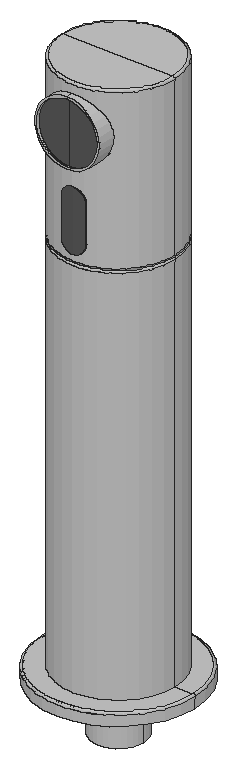
Revit family "Plumbing-Fix_Faucet-Touchless_Stern_Malmo", category Plumbing Fixtures, host Face, Revit 2015
Parameters (values of type "1.58 GPM")
  Waste Connection = no
  Warranty Duration (Years) = 2
  WFU = 0
  Vent Connection = no
  Unit Width = 0' - 2"
  Unit Height = 0' - 8 5/8"
  URL = "http://www.sternfaucets.com/"
  Type Comments = "as Specified"
  Standards Conformance = "as Specified"
  Spout Reach = 0' - 8"
  Spout Height = 0' - 2 1/4"
  Specification = ""
  SpecWizard = ""
  Sales Information = "http://www.sternfaucets.com/contact-us/contact-us-int-l.html"
  Revision = "R1_2018-04"
  Product Properties = ""
  Product Features = "as Specified"
  Product Data = "http://www.arcat.com/arcatcos/cos50/arc50092.html"
  Power Supply = "9V Battery"
  Piping_Inlet Diameter = 1/2"
  Piping_Flow = 1.58 GPM
  Operating Temperature Range = "Up to 149 F / 65 C"
  Operating Pressure Range = "7.26 - 116 PSI  ;  0.5 - 8 bar"
  Model = "Malmo B"
  Manufacturer Website = "http://www.sternfaucets.com/"
  Manufacturer Phone - Toll Free = "800-436-4410"
  Manufacturer Phone = ""
  Manufacturer Fax = ""
  Manufacturer Address = "777 Passaic Ave.  Clifton, NJ 07012"
  Manufacturer = "Stern Engineering"
  Maintenance Schedule (Months) = 0
  Keynote = "22 40 00"
  Installation Phase = ""
  HWFU = 1
  HW Connection = yes
  Green Building-LEED = ""
  Fixture Finish [instance] = Finish - Stern - Chrome
  Expected Lifespan (Years) = 0
  Drawn By = "Sumex Design, Inc. / Robert S. Weygant, CSI, CDT, SCIP"
  Description = "Stern Touchless Wall Mounted Faucet - Malmo B as Specified"
  Default Elevation = 0' - 0"
  Cost = 0
  Copyright = "©Arcat Inc."
  Construction Details = ""
  CWFU = 1
  CW Connection = yes
  Body Construction = "Brass"
  Available Options = "as Specified"
  Assembly Code = "D2010300"
  Accent Color [instance] = Finish - Stern - Black
Types (5): name | Piping_Flow
  1.58 GPM | 1.58 GPM
  1 GPM | 1 GPM
  0.8 GPM | 0.8 GPM
  0.5 GPM | 0.5 GPM
  0.35 GPM | 0.35 GPM
Reference planes (in)
  plane 1 "Center (Front/Back)": y = 0
  plane 2: z = 0
  plane 3 "Center (Left/Right)": x = 0
  plane 4: z = 8
Forms (in)
  Extrusion 1, solid, material "Finish - Stern - Black" <- "Accent Color"
    sketch origin (0, 0, -0.1875) x (1, 0, 0) y (0, 0, 1)
      loop
        line (-0.1875, 7.1875) -> (-0.1875, 6.625)
        arc (-0.1875, 6.625) -> (0, 6.4375) -> (0.1875, 6.625) r 0.1875
        line (0.1875, 6.625) -> (0.1875, 7.1875)
        arc (0.1875, 7.1875) -> (0, 7.375) -> (-0.1875, 7.1875) r 0.1875
    from 0 to 0.89572
  Extrusion 2, solid, material "Finish - Stern - Chrome" <- "Fixture Finish"
    sketch origin (0, 0, 0) x (1, 0, 0) y (0, 1, 0)
      loop
        circle (0, 0) r 0.39132
    from 0 to -0.75
  Revolve 3, solid, material "Finish - Stern - Chrome" <- "Fixture Finish"
    sketch origin (0, 0, 0) x (1, 0, 0) y (0, 0, 1)
      loop
        line (0, 0) -> (0, 8.625) -> (-0.84375, 8.625)
        arc (-0.84375, 8.625) -> (-0.86585, 8.61585) -> (-0.875, 8.59375) r 0.03125
        line (-0.875, 8.59375) -> (-0.875, 6.15625)
        arc (-0.875, 6.15625) -> (-0.86585, 6.13415) -> (-0.84375, 6.125) r 0.03125
        arc (-0.84375, 6.125) -> (-0.86585, 6.11585) -> (-0.875, 6.09375) r 0.03125
        line (-0.875, 6.09375) -> (-0.875, 0.1875) -> (-1.15625, 0.1875)
        arc (-1.15625, 0.1875) -> (-1.17835, 0.17835) -> (-1.1875, 0.15625) r 0.03125
        line (-1.1875, 0.15625) -> (-1.1875, 0) -> (0, 0)
      axis (0, 8.625) -> (0, 0)
    angle from 0 to 360
  Revolve 4, solid, material "Finish - Stern - Chrome" <- "Fixture Finish"
    sketch origin (0, 0, -1.02401) x (0, 1, 0) y (0, 0, 1)
      loop
        line (-0.53976, 9) -> (-0.53976, 9.5) -> (-0.98763, 9.5) -> (-0.98763, 9.46875) -> (-0.95638, 9.46875) -> (-0.95638, 9) -> (-0.53976, 9)
      axis (-0.98763, 9) -> (-0.53976, 9)
    angle from 0 to 360
  Extrusion 5, void
    sketch origin (0, 0.02539, 0) x (1, 0, 0) y (0, 1, 0)
      loop
        arc (0.24428, -0.87271) -> (0.00433, -0.90624) -> (-0.23592, -0.875) r 0.90625
        line (-0.23592, -0.875) -> (-0.23592, -0.96906) -> (0.24428, -0.96906) -> (0.24428, -0.87271)
    from 6.125 to 7.35026
Cuts and joins
  Extrusion 5 cuts Extrusion 1
Dimensions and locks (in)
  aligned and locked: plane 2 to host face
  aligned and locked: level to host face
Connectors (in)
  piping at (0, 0, -0.75), diameter 0.5, driven by "Piping_Flow", driven by "Piping_Inlet Diameter"
    settings: on Extrusion 2, index 2, connector inside diameter 24", connector length 0' - 0", flow factor 0, pipe flow 1.58 GPM, pressure drop 0.00 psi, fitting loss kfactor 0, connector angle 0.00°, fixture units 0, engagement length 0' - 0", angle of deflection 0.00°, flow configuration 0, flow direction 1, fitting loss method 0, system type 22, joint type 0, gender type 0, connector reference index -1, connector utility 0, adjustable connector no, is connector primary yes, connector description "Tempered Inlet"
  electrical at (0, 0, 0)
    settings: on Revolve 3, index 3, voltage 0 V, apparent load 0 VA, apparent load phase1 0 VA, apparent load phase2 0 VA, apparent load phase3 0 VA, power factor 1, load classification "Other", number of poles 1, system type 13, power factor state 1, is connector primary yes, connector utility no, sub classification motor no, connector description ""
